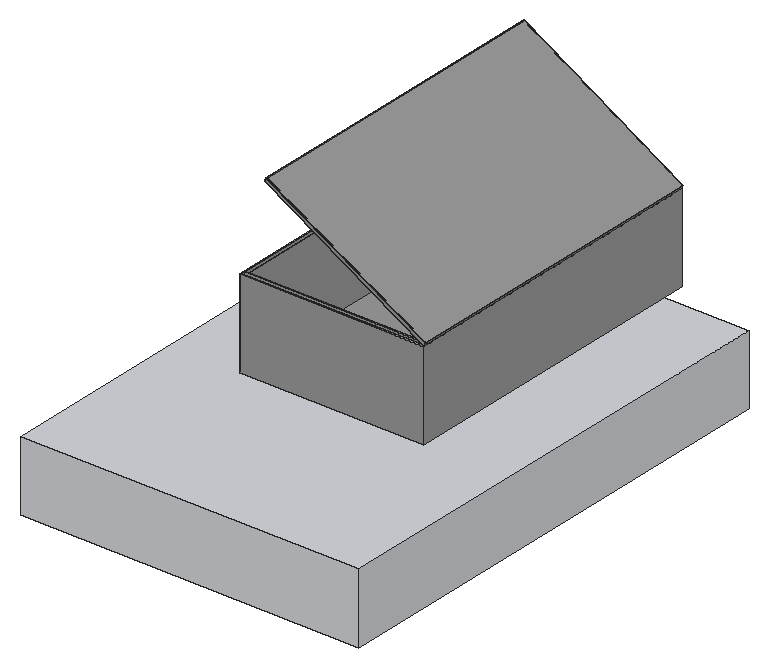
Revit family "Hager-Univers-IP55-D400-H1400-Cl.I-Steel_encl-AT-de", category Equipement électrique, Revit 2020
Family settings
  Hôte = Face
  Configuration du panneau = Deux colonnes, circuits au sein
  Cote de connecteur circulaire = Utiliser le diamètre
  Type d'élément = Tableau de raccordement
  Couper avec des vides une fois chargée = Non
  Partagée = Non
  Point de calcul de pièce = Non
Parameters (values of type "Aufputz IP55 B800 H1400 T400  - FR93G")
  Width Control [instance] = if([EF000008 - Breite] > Min Width, [EF000008 - Breite], Min Width)  # 800 mm
  Commentaires du type = [HG000003 - Bereich]  # "Univers"
  Thickness Door [instance] = if([EF009171 - Materialstärke Tür/Deckel] > 3 mm, 3 mm, [EF009171 - Materialstärke Tür/Deckel])  # 1.5 mm
  Seal Frame Offset [instance] = 17 mm  # constant formula
  Plinth Visibility [instance] = [HG000027 - Sockelhöhe] > 0 mm  # no
  Model = ""
  Min Width [instance] = 100 mm  # constant formula
  Min Height [instance] = 100 mm  # constant formula
  Min Depth [instance] = (2 * [EF009170 - Materialstärke Gehäuse]) + 1 mm  # 4 mm
  Internal Frame Depth [instance] = (Door System Depth * 0.5)  # 9 mm
  Height Control [instance] = if([EF000040 - Höhe] > Min Height, [EF000040 - Höhe], Min Height)  # 1400 mm
  HG000027 - Sockelhöhe = 0 mm
  HG000026 - Stehend auf dem Boden = no
  HG000024 - Höhe des unteren Teils = 800 mm
  HG000023 - Gehäuse mit doppeltem Querschnitt = no
  HG000016 - 3D-Türsichtbarkeit [instance] = yes
  HG000015 - Sichtbarkeit der Türöffnung [instance] = no
  HG000014 - Tür rechts [instance] = yes
  HG000013 - Tür links [instance] = not([HG000014 - Tür rechts])  # no
  HG000012 - Türschwenkwinkel [instance] = 30.00°
  HG000010 - Asymmetrische Türen = no
  HG000009 - Doppelflügeligen Tür = no
  HG000006 - Unterputz = no
  HG000004 - Herstellerreferenz = "FR93G"
  HG000003 - Bereich = "Univers"
  HG000002 - Mit tür = yes
  Frame Offset Bottom [instance] = 10 mm  # constant formula
  Frame Offset [instance] = 15 mm  # constant formula
  EF015940 - Deckel mit Überdruckentlastung = no
  EF011959 - Schutzart (NEMA) = ""
  EF009554 - Anzahl der Öffnungen für Flanschplatten = 6
  Fabricant = "Hager"  # constant formula
  EF009212 - Ausführung Deckel = "EV000116 - geschlossen"
  EF009171 - Materialstärke Tür/Deckel = 1.5 mm
  EF009170 - Materialstärke Gehäuse = 1.5 mm
  EF008873 - Nennstrom (In) = 800 A
  EF007800 - Geeignet für Blitzschutz = no
  EF006306 - Mit Schloss = no
  EF006244 - Transparenter Deckel/Tür = no
  EF005474 - Schutzart (IP) = "EV006420 - IP55"
  EF004464 - Art der Tür = "EV002646 - Einzel"
  EF004427 - Anzahl der Module = 324
  EF004293 - Schlagfestigkeit = "EV008784 - IK10"
  EF003532 - Geeignet für Außengebrauch = no
  EF002950 - Breite in Teilungseinheiten = 24
  EF001613 - Funktionserhalt = "EV000494 - ohne"
  EF001596 - Werkstoff des Gehäuses = "EV000179 - Stahl"
  EF001131 - Innentiefe = 400 mm
  EF001088 - Anbaumöglichkeit = yes
  EF000437 - Anzahl der Leitungseinführungen = 6
  EF000339 - Art der Abdeckung = "EV004216 - Tür"
  EF000266 - Anzahl der Reihen = 9
  EF000218 - Einbautiefe = 0 mm
  EF000118 - Mit Montageplatte = no
  EF000116 - RAL-Nummer = "7035"
  EF000049 - Tiefe = 400 mm
  EF000040 - Höhe = 1400 mm
  EF000008 - Breite = 800 mm
  EF000007 - Farbe = "EV000270 - grau"
  EF000003 - Montageart = "EV000384 - Aufputz"
  Door System Leaf Tolerance [instance] = 1.5 mm  # constant formula
  Door System Depth [instance] = 18 mm  # constant formula
  Door Height [instance] = Height Control - [HG000027 - Sockelhöhe]  # 1400 mm
  Depth Control [instance] = if([EF000049 - Tiefe] > Min Depth, [EF000049 - Tiefe], Min Depth)  # 400 mm
  Default Elevation = 0 mm
  Connector Offset [instance] = Height Control / 2  # 700 mm
  Bottom Top Plate Trim [instance] = 1.5 mm  # constant formula
  Plinth height Ctrl [instance] = if([HG000027 - Sockelhöhe] > 0 mm, [HG000027 - Sockelhöhe], 12 mm)  # 12 mm
Types (3, lengths in mm): name | Width Control | HG000009 - Doppelflügeligen Tür | HG000004 - Herstellerreferenz | EF009554 - Anzahl der Öffnungen für Flanschplatten | EF004464 - Art der Tür | EF004427 - Anzahl der Module | EF000437 - Anzahl der Leitungseinführungen | EF000008 - Breite
  Aufputz IP55 B1050 H1400 T400  - FR94G | 1050 | yes | "FR94G" | 8 | "EV003602 - Doppel" | 432 | 8 | 1050
  Aufputz IP55 B550 H1400 T400  - FR92G | 550 | no | "FR92G" | 4 | "EV002646 - Einzel" | 216 | 4 | 550
  Aufputz IP55 B800 H1400 T400  - FR93G | 800 | no | "FR93G" | 6 | "EV002646 - Einzel" | 324 | 6 | 800
Reference planes
  plane 1 "Center (Front/Back)": y = 0
  plane 2: z = 0
  plane 3 "Center (Left/Right)": x = 0
  plane 4: z = 400
  plane 5: y = 1.5
  plane 6: y = 700
  plane 7: y = 0
  plane 8: y = 1400
  plane 9: z = 0
  plane 10: x = -385
  plane 11: x = 385
  plane 12: x = 383.5
  plane 13: x = -383.5
  plane 14: y = 1398.5
  plane 15: x = -383
  plane 16: x = -400
  plane 17: x = 383
  plane 18: x = 400
  plane 19: x = 398.5
  plane 20: x = -398.5
  plane 21: y = 11.5
  plane 22: y = 1400
  plane 23: y = 1383.5
  plane 24: z = 382
  plane 25: z = 1.5
  plane 26: z = 380.5
  plane 27: z = 398.5
Forms (mm)
  Extrusion 1, solid
    sketch origin (0, 0, 0) x (1, 0, 0) y (0, 1, 0)
      loop
        line (-702.964, 1305) -> (-702.964, -811.445) -> (766.763, -811.445) -> (766.763, 1305) -> (-702.964, 1305)
    from 0 to -304.8
  Extrusion 2, solid, material "Hager_Steel_RAL7035_Light_Grey", visible <- "Plinth Visibility", detail levels medium+fine
    sketch origin (0, 0, 0) x (1, 0, 0) y (0, 1, 0)
      loop
        line (-400, 0) -> (400, 0) -> (400, 12) -> (-400, 12) -> (-400, 0)
    from 0 to 382
  Extrusion 3, solid, material "Hager_Steel_RAL7035_Light_Grey", detail levels medium+fine
    sketch origin (0, 0, 0) x (1, 0, 0) y (0, 1, 0)
      loop
        line (-400, 0) -> (400, 0) -> (400, 1400) -> (-400, 1400) -> (-400, 0)
    from 0 to 382
  Extrusion 4, void
    sketch origin (0, 0, 0) x (1, 0, 0) y (0, 1, 0)
      loop
        line (-398.5, 1.5) -> (398.5, 1.5) -> (398.5, 1398.5) -> (-398.5, 1398.5) -> (-398.5, 1.5)
    from 1.5 to 380.5
  Extrusion 5, void
    sketch origin (-381.607, -4572, 382) x (0, -1, 0) y (-1, 0, 0)
      loop
        line (-4583.5, 1.893) -> (-5955.5, 1.893) -> (-5955.5, -765.107) -> (-4583.5, -765.107) -> (-4583.5, 1.893)
    from 0 to 1.5 <- "EF009170 - Materialstärke Gehäuse"
  Extrusion 6, solid, material "Hager_Steel_RAL7035_Light_Grey", detail levels fine
    sketch origin (0, 0, 382) x (1, 0, 0) y (0, 1, 0)
      loop
        line (-383.5, 1383.5) -> (-383.5, 11.5) -> (383.5, 11.5) -> (383.5, 1383.5) -> (-383.5, 1383.5)
      loop
        line (-385, 10) -> (385, 10) -> (385, 1385) -> (-385, 1385) -> (-385, 10)
    from 0 to 9 <- "Internal Frame Depth"
  Extrusion 7, solid, material "Hager_Steel_RAL7035_Light_Grey", detail levels coarse
    sketch origin (0, 0, 0) x (1, 0, 0) y (0, 1, 0)
      loop
        line (-400, 0) -> (400, 0) -> (400, 1400) -> (-400, 1400) -> (-400, 0)
    from 0 to 400
  Sweep 8, void
    path in 3D
      loop
        line (-400, 12, 0) -> (400, 12, 0) -> (400, 12, 382) -> (-400, 12, 382) -> (-400, 12, 0)
    profile origin (-400, 12, 191) x (-1, 0, 0) y (0, -1, 0)
      loop
        line (0, 0) -> (0, 1.5) -> (-1.5, 1.5)
        arc (-1.5, 1.5) -> (-1.061, 0.439) -> (0, 0) r 1.5
Cuts and joins
  Extrusion 4, Extrusion 5 cuts Extrusion 3
  Sweep 8 cuts Extrusion 2
Lines and regions (mm)
  Masking region 1
    outline origin (0, 0, 0) x (1, 0, 0) y (0, 0, 1)
      loop
        line (-400, 400) -> (-400, 0) -> (400, 0) -> (400, 400) -> (-400, 400)
  Masking region 2, detail levels medium+fine
    outline origin (0, 140, 0) x (0, 1, 0) y (0, 0, 1)
      loop
        line (-140, 0) -> (1260, 0) -> (1260, 382) -> (-140, 382) -> (-140, 0)
  Masking region 3, not visible, detail levels medium+fine
    outline origin (0, 297.922, 0) x (0, 1, 0) y (0, 0, 1)
      loop
        line (413.578, 0) -> (453.578, 0) -> (453.578, 388.5)
        arc (453.578, 388.5) -> (450.649, 395.571) -> (443.578, 398.5) r 10
        line (443.578, 398.5) -> (413.578, 398.5) -> (413.578, 0)
  Masking region 4, detail levels coarse
    outline origin (0, 0, 180) x (0, 1, 0) y (0, 0, 1)
      loop
        line (0, -180) -> (1400, -180) -> (1400, 220) -> (0, 220) -> (0, -180)
  Masking region 5, visible <- "Plinth Visibility", detail levels medium+fine
    outline origin (0, 52.24, 12.345) x (0, 0, -1) y (0, 1, 0)
      loop
        line (10.845, -40.24) -> (-368.155, -40.24)
        arc (-368.155, -40.24) -> (-368.594, -41.301) -> (-369.655, -41.74) r 1.5
        line (-369.655, -41.74) -> (-369.655, -52.24) -> (12.345, -52.24) -> (12.345, -41.74)
        arc (12.345, -41.74) -> (11.285, -41.301) -> (10.845, -40.24) r 1.5
  Masking region 6, detail levels medium+fine
    outline origin (-381.607, -4572, 382) x (-1, 0, 0) y (0, -1, 0)
      loop
        line (18.393, -5972) -> (18.393, -4572) -> (-781.607, -4572) -> (-781.607, -5972) -> (18.393, -5972)
  Masking region 7, visible <- "Plinth Visibility", detail levels medium+fine
    outline origin (-381.607, -4727, 382) x (-1, 0, 0) y (0, -1, 0)
      loop
        arc (16.893, -4739) -> (17.332, -4737.939) -> (18.393, -4737.5) r 1.5
        line (18.393, -4737.5) -> (18.393, -4727) -> (-781.607, -4727) -> (-781.607, -4737.5)
        arc (-781.607, -4737.5) -> (-780.546, -4737.939) -> (-780.107, -4739) r 1.5
        line (-780.107, -4739) -> (16.893, -4739)
  Masking region 8, detail levels coarse
    outline origin (-442.548, -4669.526, 382) x (-1, 0, 0) y (0, -1, 0)
      loop
        line (-42.548, -6069.526) -> (-42.548, -4669.526) -> (-842.548, -4669.526) -> (-842.548, -6069.526) -> (-42.548, -6069.526)
  sketch lines
    curve 1: line (-400, 12, 382) -> (-400, 12, 0)
    curve 2: line (400, 12, 382) -> (-400, 12, 382)
    curve 3: line (400, 12, 382) -> (400, 12, 0)
    curve 4: line (-400, 12, 0) -> (400, 12, 0)
Dimensions and locks
  "Depth Control": plane 4 to Extrusion 1
  "HG000027 - Sockelhöhe": plane 1 "Center (Front/Back)" to plane 7
  "EF009170 - Materialstärke Gehäuse": plane 5 to plane 7
  locked: connector elem to plane 3 "Center (Left/Right)"
  equal spacing: plane 8, plane 6, plane 7
  locked: connector elem to plane 6
  "EF009170 - Materialstärke Gehäuse": plane 8 to plane 14
  "EF009170 - Materialstärke Gehäuse": plane 10 to plane 13
  "EF009170 - Materialstärke Gehäuse": plane 12 to plane 11
  "Frame Offset": plane 20 to plane 13
  "Frame Offset": plane 12 to plane 19
  "EF009170 - Materialstärke Gehäuse": plane 16 to plane 20
  "EF009170 - Materialstärke Gehäuse": plane 19 to plane 18
  "Seal Frame Offset": plane 16 to plane 15
  "Seal Frame Offset": plane 17 to plane 18
  "Frame Offset Bottom": plane 21 to plane 5
  "Frame Offset": plane 14 to plane 23
  equal spacing: plane 16, plane 3 "Center (Left/Right)", plane 18
  "Width Control": plane 16 to plane 18
  "EF009170 - Materialstärke Gehäuse": plane 4 to plane 27
  "EF009170 - Materialstärke Gehäuse": plane 24 to plane 26
  "EF009170 - Materialstärke Gehäuse": plane 25 to level
  "Door System Depth": plane 4 to plane 24
  "Height Control": plane 1 "Center (Front/Back)" to Extrusion 7 sketch curve
  "Height Control": Masking region 4 sketch curve to plane 1 "Center (Front/Back)"
  "Height Control": plane 1 "Center (Front/Back)" to plane 22
  "Bottom Top Plate Trim": profile plane to Sweep 8 sketch curve
  "Bottom Top Plate Trim": Sweep 8 sketch curve to profile plane
  "Plinth height Ctrl": plane 1 "Center (Front/Back)" to Extrusion 2 sketch curve
  "Plinth height Ctrl": Masking region 5 sketch curve to plane 1 "Center (Front/Back)"
  "Plinth height Ctrl": plane 1 "Center (Front/Back)" to Masking region 7 sketch curve
  "Thickness Door": Extrusion 6 sketch curve to Extrusion 6 sketch curve  (x3)
  "Thickness Door": cut or joined group of Extrusion 3, Extrusion 4, Extrusion 5 to Extrusion 6 sketch curve
  radius of Masking region 3 sketch curve = 10 mm
  "Bottom Top Plate Trim": radius of Masking region 5 sketch curve  (x2)
  "Bottom Top Plate Trim": radius of Sweep 8 sketch curve
  "Bottom Top Plate Trim": radius of Masking region 7 sketch curve  (x2)
  aligned and locked: plane 2 to Extrusion 1
  aligned and locked: level to Extrusion 1
  aligned and locked: level to Masking region 1 sketch curve
  aligned and locked: Masking region 1 sketch curve to plane 18
  aligned and locked: Masking region 1 sketch curve to plane 16
  aligned and locked: plane 7 to Masking region 2 sketch curve
  aligned and locked: level to Masking region 3 sketch curve
  aligned and locked: Masking region 3 sketch curve to plane 27
  aligned and locked: level to Masking region 2 sketch curve
  aligned and locked: plane 1 "Center (Front/Back)" to Extrusion 2 sketch curve
  aligned and locked: Extrusion 3 sketch curve to plane 7
  aligned and locked: plane 16 to Extrusion 3 sketch curve
  aligned and locked: plane 18 to Extrusion 3 sketch curve
  aligned and locked: plane 20 to Extrusion 4 sketch curve
  aligned and locked: plane 19 to Extrusion 4 sketch curve
  aligned and locked: Extrusion 4 sketch curve to plane 5
  aligned and locked: Extrusion 4 to plane 25
  aligned and locked: plane 26 to Extrusion 4
  aligned and locked: plane 24 to Extrusion 3
  aligned and locked: Extrusion 5 sketch curve to plane 21
  aligned and locked: Extrusion 5 sketch curve to plane 13
  aligned and locked: Extrusion 5 sketch curve to plane 12
  aligned and locked: plane 18 to Extrusion 7 sketch curve
  aligned and locked: plane 1 "Center (Front/Back)" to Extrusion 7 sketch curve
  aligned and locked: plane 16 to Extrusion 7 sketch curve
  aligned and locked: plane 4 to Extrusion 7
  aligned and locked: Extrusion 7 to level
  aligned and locked: level to Masking region 4 sketch curve
  aligned and locked: Masking region 4 sketch curve to plane 1 "Center (Front/Back)"
  aligned and locked: Masking region 4 sketch curve to plane 4
  aligned and locked: nested 1 to level
  aligned and locked: nested 1 to plane 16
  aligned and locked: plane 8 to Extrusion 3 sketch curve
  aligned and locked: plane 23 to Extrusion 5 sketch curve
  aligned and locked: plane 14 to Extrusion 4 sketch curve
  aligned and locked: Masking region 2 sketch curve to plane 8
  aligned and locked: level to Masking region 5 sketch curve
  aligned and locked: plane 16 to Extrusion 2 sketch curve
  aligned and locked: plane 18 to Extrusion 2 sketch curve
  aligned and locked: Masking region 5 sketch curve to plane 24
  aligned and locked: Masking region 2 sketch curve to plane 24
  aligned and locked: plane 24 to Extrusion 2
  aligned and locked: profile plane to Sweep 8 sketch curve  (x2)
  aligned and locked: Masking region 6 sketch curve to plane 18
  aligned and locked: Masking region 6 sketch curve to plane 22
  aligned and locked: Masking region 6 sketch curve to plane 16
  aligned and locked: plane 8 to plane 22
  aligned and locked: Masking region 6 sketch curve to plane 7
  aligned and locked: Masking region 7 sketch curve to plane 16
  aligned and locked: Masking region 7 sketch curve to plane 1 "Center (Front/Back)"
  aligned and locked: Masking region 7 sketch curve to plane 18
  aligned and locked: Masking region 8 sketch curve to plane 1 "Center (Front/Back)"
  aligned and locked: Masking region 8 sketch curve to plane 18
  aligned and locked: Masking region 8 sketch curve to plane 22
  aligned and locked: Masking region 8 sketch curve to plane 16
  aligned and locked: nested 2 to plane 7
  aligned and locked: plane 3 "Center (Left/Right)" to nested 2
  aligned and locked: nested 2 to plane 24
  aligned and locked: Extrusion 6 sketch curve to cut or joined group of Extrusion 3, Extrusion 4, Extrusion 5  (x4)
Automatic sketch dimensions
  Extrusion 1 sketch curve to Extrusion 1 sketch curve = 1469.727 mm
  Extrusion 1 sketch curve to Extrusion 1 sketch curve = 2116.445 mm
  Masking region 1 sketch curve to plane 4 = 0 mm
  plane 6 to Masking region 3 sketch curve = 11.5 mm
  Masking region 3 sketch curve to Masking region 3 sketch curve = 30 mm
  Masking region 5 sketch curve to plane 1 "Center (Front/Back)" = 0 mm
Nested families
  nested 1: "Hager_Enclosure_Symbol" at (-400, 0, 0) x (1, 0, 0) z (0, -1, 0), Height <- "Depth Control", Width <- "Width Control", type "Hager_Enclosure_Symbol"
    with Width_Ctrl 800 mm, Width 800 mm, Height_Ctrl 400 mm, Height 400 mm, A_Width_Int 26.25 mm, A_Width 315 mm, A_Height_Ctrl 350 mm, A_Height 350 mm
  nested 2: "EC000058_Univers_Door" at (0, 0, 382) x (1, 0, 0) z (0, 1, 0), Leaf_Tolerance <- "Door System Leaf Tolerance", Angle <- "HG000012 - Türschwenkwinkel", Door_Depth <- "Door System Depth", Door_Left <- "HG000013 - Tür links", Transparent <- "EF006244 - Transparenter Deckel/Tür", Assymetrical <- "HG000010 - Asymmetrische Türen", Width <- "Width Control", Clearance <- "HG000015 - Sichtbarkeit der Türöffnung", Double <- "HG000009 - Doppelflügeligen Tür", 3d_Door <- "HG000016 - 3D-Türsichtbarkeit", Lock_Visibility <- "EF006306 - Mit Schloss", Width_Ctrl <- "Width Control", Door_Right <- "HG000014 - Tür rechts", Door <- "HG000002 - Mit tür", Height <- "Door Height", Thickness <- "Thickness Door", type "EC000058_Univers_Door", detail levels medium+fine
    with min_wh 4 mm, Width_Ctrl 800 mm, Width 800 mm, Transparent no, Thickness 1.5 mm, Seal_Material Hager_Rubber, Lock_Visibility no, Lock_Material Hager_Plastic_RAL9005_Jet_Black, Leaf_Width 800 mm, Leaf_Tolerance_External_Sides 0 mm, Leaf_Tolerance 1.5 mm, Leaf_Offset 0 mm, Leaf_Height 1397 mm, Leaf_2_Width 800 mm, Leaf_2_Offset 400 mm, Leaf_1_Width 800 mm, Leaf_1_Offset 400 mm, Height_Ctrl 1400 mm, Height 1400 mm, Glass_Material Hager_Glass, Double_Clearance_Ctrl no, Double no, Door_Right_Ctrl yes, Door_Right yes, Door_Material Hager_Steel_RAL7035_Light_Grey, Door_Left_Ctrl no, Door_Left no, Door_Depth 18 mm, Door yes, Clearance_Material Hager_Clearance, Clearance_Depth 800 mm, Clearance_Ctrl no, Clearance no, Assymetrical no, Angle 30.00°, 3d_Door yes
Connectors
  electrical at (0, 700, 0)
    settings: on plane 9, index 1, voltage 0 V, apparent load 0 VA, apparent load phase1 0 VA, apparent load phase2 0 VA, apparent load phase3 0 VA, power factor 1, load classification "Other", number of poles 1, system type 30, power factor state 1, is connector primary yes, connector utility no, sub classification motor no, connector description ""
Definition of nested family "EC000058_Univers_Door"
  Parameters (values of type "EC000058_Univers_Door")
    min_wh [instance] = (2 * Thickness) + 1 mm  # 11 mm
    Width_Ctrl [instance] = 400 mm
    Width [instance] = 500 mm
    Transparent [instance] = yes
    Thickness [instance] = 5 mm
    Seal_Material [instance] = none
    Lock_Visibility [instance] = yes
    Lock_Material [instance] = none
    Leaf_Width [instance] = if((Width_Ctrl - 2 * Leaf_Tolerance_External_Sides) > 0 mm, (Width_Ctrl - 2 * Leaf_Tolerance_External_Sides), min_wh)  # 400 mm
    Leaf_Tolerance_External_Sides [instance] = 0 mm  # constant formula
    Leaf_Tolerance [instance] = 1.5 mm
    Leaf_Offset [instance] = 0 mm  # constant formula
    Leaf_Height [instance] = if((Height_Ctrl - 2 * Leaf_Tolerance) > 0 mm, (Height_Ctrl - 2 * Leaf_Tolerance), min_wh)  # 497 mm
    Leaf_2_Width [instance] = if(and(and(Double, Assymetrical), Door_Left), (Leaf_Width / 3) - (Leaf_Tolerance / 2), if(and(and(Double, Assymetrical), Door_Right), (Leaf_Width / 3) * 2 - (Leaf_Tolerance / 2), if(and(Double, not(Assymetrical)), (Leaf_Width / 2) - Leaf_Tolerance, Leaf_Width)))  # 400 mm
    Leaf_2_Offset [instance] = if(and(Double, Assymetrical), Leaf_2_Width / 2, if(and(Double, not(Assymetrical)), Leaf_Width / 4, Leaf_Width / 2))  # 200 mm
    Leaf_1_Width [instance] = if(and(and(Double, Assymetrical), Door_Right), (Leaf_Width / 3) - (Leaf_Tolerance / 2), if(and(and(Double, Assymetrical), Door_Left), (Width / 3) * 2 - (Leaf_Tolerance / 2), if(and(Double, not(Assymetrical)), (Leaf_Width / 2) - Leaf_Tolerance, Leaf_Width)))  # 400 mm
    Leaf_1_Offset [instance] = if(and(Double, Assymetrical), Leaf_1_Width / 2, if(and(Double, not(Assymetrical)), Leaf_Width / 4, Leaf_Width / 2))  # 200 mm
    Height_Ctrl [instance] = if(Height > min_wh, Height, min_wh)  # 500 mm
    Height [instance] = 500 mm
    Glass_Material [instance] = none
    Double_Clearance_Ctrl [instance] = and(Double, Clearance)  # no
    Double [instance] = no
    Door_Right_Ctrl [instance] = and(or(Door_Right, Double), Door)  # yes
    Door_Right [instance] = yes
    Door_Material [instance] = none
    Door_Left_Ctrl [instance] = and(or(Door_Left, Double), Door)  # no
    Door_Left [instance] = no
    Door_Depth [instance] = 30 mm
    Door [instance] = yes
    Default Elevation = 1219.2 mm
    Clearance_Material [instance] = none
    Clearance_Depth [instance] = if(Leaf_1_Width > Leaf_2_Width, Leaf_1_Width, Leaf_2_Width)  # 400 mm
    Clearance_Ctrl [instance] = and(not(Double), Clearance)  # yes
    Clearance [instance] = yes
    Assymetrical [instance] = yes
    Angle [instance] = 30.00°
    3d_Door [instance] = yes
  Reference planes
    plane 1 "Center (Front/Back)": y = 0
    plane 2 "Bottom": z = 0
    plane 3 "Center (Left/Right)": x = 0
    plane 4: z = 500
    plane 5: x = -200
    plane 6: x = 200
    plane 7: z = 500
    plane 8: x = -200
    plane 9: z = 0
    plane 10: x = 200
    plane 11: y = 0
    plane 12: z = 1.5
    plane 13: x = -600
    plane 14: y = -400
    plane 15: x = 600
    plane 16: x = 0
    plane 17: x = 0
    plane 18: x = -200
    plane 19: x = 200
    plane 20: z = 498.5
  Forms (mm)
    Extrusion 1, solid, material <- "Clearance_Material", visible <- "Double_Clearance_Ctrl"
      sketch origin (1200, 0, 0) x (1, 0, 0) y (0, 0, -1)
        loop
          line (-1800, -498.5) -> (-600, -498.5) -> (-600, 0) -> (-1800, 0) -> (-1800, -498.5)
      from 0 to -400
  Dimensions and locks
    equal spacing: plane 5, plane 3 "Center (Left/Right)", plane 6
    "Width_Ctrl": plane 5 to plane 6
    "Leaf_Offset": plane 5 to plane 8
    "Leaf_Offset": plane 6 to plane 10
    "Leaf_Offset": plane 9 to level
    "Leaf_Offset": plane 4 to plane 7
    "Height_Ctrl": plane 4 to level
    "Leaf_Tolerance": plane 12 to plane 9
    locked: plane 11 to plane 1 "Center (Front/Back)"
    "Leaf_1_Offset": plane 18 to plane 16
    "Leaf_2_Offset": plane 17 to plane 19
    "Leaf_1_Width": plane 13 to plane 8
    "Leaf_2_Width": plane 10 to plane 15
    "Clearance_Depth": plane 14 to plane 1 "Center (Front/Back)"
    "Leaf_Tolerance_External_Sides": plane 8 to plane 18
    "Leaf_Tolerance_External_Sides": plane 19 to plane 10
    "Leaf_Tolerance": plane 7 to plane 20
    aligned and locked: level to plane 2 "Bottom"
    aligned and locked: nested 1 to plane 16
    aligned and locked: nested 2 to plane 17
    aligned and locked: Extrusion 1 to plane 13
    aligned and locked: plane 15 to Extrusion 1
    aligned and locked: Extrusion 1 to plane 14
    aligned and locked: plane 12 to nested 1
    aligned and locked: nested 2 to plane 12
    aligned and locked: Extrusion 1 to plane 11
    aligned and locked: plane 20 to Extrusion 1
    aligned and locked: nested 2 to plane 11
    aligned and locked: nested 1 to plane 11
  Automatic sketch dimensions
    Extrusion 1 sketch curve to level = 0 mm
    plane 5 to Extrusion 1 sketch curve = 400 mm
    plane 6 to Extrusion 1 sketch curve = 400 mm
    Extrusion 1 sketch curve to plane 4 = 1.5 mm
  Nested families
    nested 1: "EC000058_Univers_Door_Leaf" at (0, 0, 1.5), Width <- "Leaf_1_Width", visible <- "Door_Left_Ctrl", Leaf_Height <- "Leaf_Height", Angle <- "Angle", 3d_Door <- "3d_Door", Transparent <- "Transparent", Clearance Material <- "Clearance_Material", Clearance <- "Clearance_Ctrl", Door_Material <- "Door_Material", Glass_Material <- "Glass_Material", Door_Depth <- "Door_Depth", Lock_Material <- "Lock_Material", Seal_Material <- "Seal_Material", Lock_Visibility <- "Lock_Visibility", Thickness <- "Thickness", type "EC000058_Univers_Door_Leaf"
      with Width 400 mm, Transparent_Glass_Offset 30 mm, Transparent_Ctrl yes, Transparent yes, Thickness 5 mm, Standard no, Seal_Material none, Seal_D2 8 mm, Seal_D1 1 mm, Offset_Internal_Frame 10 mm, Lock_Width 20 mm, Lock_Visibility_3d yes, Lock_Visibility yes, Lock_Thickness_3 3 mm, Lock_Thickness_2 1 mm, Lock_Thickness_1 3 mm, Lock_Radius_Offset_2 16 mm, Lock_Radius_Offset_1 15 mm, Lock_Radius_2 5 mm, Lock_Radius 6 mm, Lock_Offset 5 mm, Lock_Material none, Lock_Height 80 mm, Lock_Cover_Top_Offset_2d 17 mm, Lock_Cover_Height -65 mm, Leaf_Height 497 mm, Internal_Seal_Thickness 8 mm, Internal_Seal_Depth_2 4.5 mm, Internal_Frame_Depth 25 mm, Glass_Thickness -1 mm, Glass_Offset -2 mm, Glass_Material none, Door_Material none, Door_Depth 30 mm, Clearance Material none, Clearance yes, Angle_Ctrl 30.00°, Angle 30.00°, 3d_Door yes
    nested 2: "EC000058_Univers_Door_Leaf" at (0, 0, 1.5) x (-1, 0, 0) z (0, 0, 1), Width <- "Leaf_2_Width", visible <- "Door_Right_Ctrl", Leaf_Height <- "Leaf_Height", Angle <- "Angle", 3d_Door <- "3d_Door", Transparent <- "Transparent", Clearance Material <- "Clearance_Material", Clearance <- "Clearance_Ctrl", Door_Material <- "Door_Material", Glass_Material <- "Glass_Material", Door_Depth <- "Door_Depth", Lock_Material <- "Lock_Material", Seal_Material <- "Seal_Material", Lock_Visibility <- "Lock_Visibility", Thickness <- "Thickness", type "EC000058_Univers_Door_Leaf"
      with Width 400 mm, Transparent_Glass_Offset 30 mm, Transparent_Ctrl yes, Transparent yes, Thickness 5 mm, Standard no, Seal_Material none, Seal_D2 8 mm, Seal_D1 1 mm, Offset_Internal_Frame 10 mm, Lock_Width 20 mm, Lock_Visibility_3d yes, Lock_Visibility yes, Lock_Thickness_3 3 mm, Lock_Thickness_2 1 mm, Lock_Thickness_1 3 mm, Lock_Radius_Offset_2 16 mm, Lock_Radius_Offset_1 15 mm, Lock_Radius_2 5 mm, Lock_Radius 6 mm, Lock_Offset 5 mm, Lock_Material none, Lock_Height 80 mm, Lock_Cover_Top_Offset_2d 17 mm, Lock_Cover_Height -65 mm, Leaf_Height 497 mm, Internal_Seal_Thickness 8 mm, Internal_Seal_Depth_2 4.5 mm, Internal_Frame_Depth 25 mm, Glass_Thickness -1 mm, Glass_Offset -2 mm, Glass_Material none, Door_Material none, Door_Depth 30 mm, Clearance Material none, Clearance yes, Angle_Ctrl 30.00°, Angle 30.00°, 3d_Door yes
  Definition of nested family "EC000058_Univers_Door_Leaf"
    Parameters (values of type "EC000058_Univers_Door_Leaf")
      Width [instance] = 2000 mm
      Transparent_Glass_Offset [instance] = 30 mm
      Transparent_Ctrl [instance] = and(Transparent, [3d_Door])  # yes
      Transparent [instance] = yes
      Thickness [instance] = 5 mm
      Standard [instance] = and(not(Transparent), [3d_Door])  # no
      Seal_Material [instance] = none
      Seal_D2 [instance] = 8 mm  # constant formula
      Seal_D1 [instance] = 1 mm  # constant formula
      Offset_Internal_Frame [instance] = 10 mm  # constant formula
      Lock_Width [instance] = 20 mm  # constant formula
      Lock_Visibility_3d [instance] = and(Lock_Visibility, [3d_Door])  # yes
      Lock_Visibility [instance] = yes
      Lock_Thickness_3 [instance] = 3 mm  # constant formula
      Lock_Thickness_2 [instance] = 1 mm  # constant formula
      Lock_Thickness_1 [instance] = 3 mm  # constant formula
      Lock_Radius_Offset_2 [instance] = Lock_Radius_Offset_1 + 1 mm  # 16 mm
      Lock_Radius_Offset_1 [instance] = 15 mm  # constant formula
      Lock_Radius_2 [instance] = Lock_Radius - 1 mm  # 5 mm
      Lock_Radius [instance] = 6 mm  # constant formula
      Lock_Offset [instance] = 5 mm  # constant formula
      Lock_Material [instance] = none
      Lock_Height [instance] = 80 mm  # constant formula
      Lock_Cover_Top_Offset_2d [instance] = Lock_Radius_Offset_2 + 1 mm  # 17 mm
      Lock_Cover_Height [instance] = -(Lock_Height - Lock_Radius_Offset_1)  # -65 mm
      Leaf_Height [instance] = 2720.336 mm
      Internal_Seal_Thickness [instance] = 8 mm  # constant formula
      Internal_Seal_Depth_2 [instance] = 4.5 mm  # constant formula
      Internal_Frame_Depth [instance] = if(Door_Depth - Thickness > 5 mm, Door_Depth - Thickness, 5 mm)  # 25 mm
      Glass_Thickness [instance] = if(Thickness > 15 mm, Glass_Offset + 10 mm, -1 mm)  # -1 mm
      Glass_Offset [instance] = if(Thickness > 15 mm, -(Thickness + 10 mm) / 2, -2 mm)  # -2 mm
      Glass_Material [instance] = none
      Door_Material [instance] = none
      Door_Depth [instance] = 30 mm
      Default Elevation = 0 mm
      Clearance Material [instance] = none
      Clearance [instance] = yes
      Angle_Ctrl [instance] = if(Angle > 180.00°, 180.00°, Angle)  # 90.00°
      Angle [instance] = 90.00°
      3d_Door [instance] = yes
    Reference planes
      plane 1 "Center (Front/Back)": y = 0
      plane 2: z = 0
      plane 3 "Center (Left/Right)": x = 0
      plane 4: y = 2000
      plane 5: x = -1000
      plane 6: x = 1000
      plane 7: x = -3000
      plane 8: z = 2720.336
      plane 9: z = 30
      plane 10: z = 2690.336
      plane 11: x = 970
      plane 12: x = -970
      plane 13: y = -3
      plane 14: z = 107.833
      plane 15: y = -5
      plane 16: y = -223.314
      plane 17: x = -1000
      plane 18: z = 1360.168
      plane 19: y = 30
    Forms (mm)
      Extrusion 1, solid, material <- "Clearance Material", visible <- "Clearance"
        sketch origin (0, 0, 0) x (1, 0, 0) y (0, 0, 1)
          loop
            line (-3000, 2720.336) -> (-3000, 0) -> (1000, 0) -> (1000, 2720.336) -> (-3000, 2720.336)
        from 0 to -2000
      Extrusion 2, solid, material <- "Door_Material", visible <- "Standard", detail levels medium+fine
        sketch origin (-1000, 0, 0) x (0, 1, 0) y (-1, 0, 0)
          loop
            line (0, 30) -> (0, 25) -> (2000, 25) -> (2000, 30) -> (0, 30)
        from 0 to 2720.336 <- "Leaf_Height"
      Extrusion 3, solid, material <- "Door_Material", visible <- "Transparent_Ctrl", detail levels medium+fine
        sketch origin (-1000, 0, 0) x (0, 1, 0) y (-1, 0, 0)
          loop
            line (0, 25) -> (2000, 25) -> (2000, 30) -> (0, 30) -> (0, 25)
        from 0 to 2720.336 <- "Leaf_Height"
      Extrusion 4, void
        sketch origin (-1025, 2000, 0) x (0, 1, 0) y (0, 0, -1)
          loop
            line (-30, -2690.336) -> (-30, -30) -> (-1970, -30) -> (-1970, -2690.336) -> (-30, -2690.336)
        from 0 to 5 <- "Thickness"
      Sweep 5, solid, material <- "Seal_Material", visible <- "Transparent_Ctrl", detail levels fine
        path in 3D
          loop
            line (-1025, 30, 30) -> (-1025, 30, 2690.336) -> (-1025, 1970, 2690.336) -> (-1025, 1970, 30) -> (-1025, 30, 30)
        profile origin (-1025, 1000, 30) x (1, 0, 0) y (0, 0, 1)
          loop
            line (0, 0) -> (0, -8) -> (1, -8) -> (1, 0) -> (0, 0)
      Extrusion 6, solid, material <- "Glass_Material", visible <- "Transparent_Ctrl", detail levels medium+fine
        sketch origin (-1030, 0, 0) x (0, 1, 0) y (0, 0, -1)
          loop
            line (1970, -2690.336) -> (1970, -30) -> (30, -30) -> (30, -2690.336) -> (1970, -2690.336)
        from -2 <- "Glass_Offset" to -1 <- "Glass_Thickness"
      Extrusion 7, solid, material <- "Door_Material", visible <- "3d_Door", detail levels medium+fine
        sketch origin (-1025, 2000, 0) x (0, -1, 0) y (0, 0, -1)
          loop
            line (0, -2720.336) -> (2000, -2720.336) -> (2000, 0) -> (0, 0) -> (0, -2720.336)
          loop
            line (1995, -5) -> (5, -5) -> (5, -2715.336) -> (1995, -2715.336) -> (1995, -5)
        from 0 to 25 <- "Internal_Frame_Depth"
      Sweep 8, solid, material <- "Seal_Material", visible <- "Transparent_Ctrl", detail levels fine
        path in 3D
          loop
            line (-1025, 0, 0) -> (-1025, 2000, 0) -> (-1025, 2000, 2720.336) -> (-1025, 0, 2720.336) -> (-1025, 0, 0)
        profile origin (-1025, 0, 1360.168) x (1, 0, 0) y (0, 1, 0)
          loop
            line (0, 10) -> (2.975, 10)
            arc (2.975, 10) -> (4.053, 10.447) -> (4.5, 11.525) r 1.525
            line (4.5, 11.525) -> (4.5, 16.527)
            arc (4.5, 16.527) -> (4.069, 17.569) -> (3.027, 18) r 1.473
            line (3.027, 18) -> (0, 18) -> (0, 10)
      Extrusion 9, solid, material <- "Lock_Material", visible <- "Lock_Visibility_3d", detail levels fine
        sketch origin (-1030, 0, 0) x (0, 1, 0) y (0, 0, -1)
          loop
            arc (1993.5, -1400.168) -> (1994.561, -1399.729) -> (1995, -1398.668) r 1.5
            line (1995, -1398.668) -> (1995, -1320.168) -> (1975, -1320.168) -> (1975, -1398.668)
            arc (1975, -1398.668) -> (1975.439, -1399.729) -> (1976.5, -1400.168) r 1.5
            line (1976.5, -1400.168) -> (1993.5, -1400.168)
        from 3 <- "Lock_Thickness_1" to 0
      Blend 10, solid, material <- "Lock_Material", visible <- "Lock_Visibility_3d", detail levels fine
        base sketch origin (-1033, 0, 0) x (0, 1, 0) y (0, 0, -1)
          loop
            line (1975, -1320.168) -> (1975, -1398.668)
            arc (1975, -1398.668) -> (1975.439, -1399.729) -> (1976.5, -1400.168) r 1.5
            line (1976.5, -1400.168) -> (1993.5, -1400.168)
            arc (1993.5, -1400.168) -> (1994.561, -1399.729) -> (1995, -1398.668) r 1.5
            line (1995, -1398.668) -> (1995, -1320.168) -> (1975, -1320.168)
        top sketch origin (-1033, 0, 0) x (0, 1, 0) y (0, 0, -1)
          loop
            line (1976, -1320.168) -> (1976, -1398.668)
            arc (1976, -1398.668) -> (1976.146, -1399.022) -> (1976.5, -1399.168) r 0.5
            line (1976.5, -1399.168) -> (1993.5, -1399.168)
            arc (1993.5, -1399.168) -> (1993.854, -1399.022) -> (1994, -1398.668) r 0.5
            line (1994, -1398.668) -> (1994, -1320.168) -> (1976, -1320.168)
        from 0 to 1 <- "Lock_Thickness_2"
      Blend 11, solid, material <- "Lock_Material", visible <- "Lock_Visibility_3d", detail levels fine
        base sketch origin (-1034, 0, 0) x (0, 1, 0) y (0, 0, -1)
          loop
            line (1978, -1320.168) -> (1978, -1384.168)
            arc (1978, -1384.168) -> (1985, -1391.168) -> (1992, -1384.168) r 7
            line (1992, -1384.168) -> (1992, -1320.168) -> (1978, -1320.168)
        top sketch origin (-1034, 0, 0) x (0, 1, 0) y (0, 0, -1)
          loop
            line (1991, -1320.168) -> (1979, -1320.168) -> (1979, -1383.168)
            arc (1979, -1383.168) -> (1985, -1389.168) -> (1991, -1383.168) r 6
            line (1991, -1383.168) -> (1991, -1320.168)
        from 0 to 3 <- "Lock_Thickness_3"
      Extrusion 12, solid, material <- "Lock_Material", visible <- "Lock_Visibility_3d", detail levels fine
        sketch origin (-1030, 1975, 1320.168) x (1, 0, 0) y (0, -1, 0)
          loop
            line (-7, -19) -> (-7, -1) -> (0, -1) -> (0, 0) -> (-8, 0) -> (-8, -20) -> (0, -20) -> (0, -19) -> (-7, -19)
        from 0 to -65 <- "Lock_Cover_Height"
      Extrusion 13, void
        sketch origin (-1038, 1995, 1320.168) x (-1, 0, 0) y (0, 0, -1)
          loop
            line (-5, -65) -> (0, -65) -> (-5, -60) -> (-5, -65)
        from 0 to 20 <- "Lock_Width"
      Extrusion 14, void
        sketch origin (-1038, 1975, 1320.168) x (0, -1, 0) y (0, 0, -1)
          loop
            circle (-10, -15.995) r 6
          loop
            circle (-10, -15.995) r 5
        from 0 to 2
      Extrusion 15, solid, material <- "Lock_Material", visible <- "Lock_Visibility_3d", detail levels medium
        sketch origin (-1030, 0, 0) x (0, 1, 0) y (0, 0, -1)
          loop
            arc (1993.5, -1400.168) -> (1994.561, -1399.729) -> (1995, -1398.668) r 1.5
            line (1995, -1398.668) -> (1995, -1320.168) -> (1975, -1320.168) -> (1975, -1398.668)
            arc (1975, -1398.668) -> (1975.439, -1399.729) -> (1976.5, -1400.168) r 1.5
            line (1976.5, -1400.168) -> (1993.5, -1400.168)
        from 8 to 0
    Cuts and joins
      Extrusion 4 cuts Extrusion 3
      Extrusion 13, Extrusion 14 cuts Extrusion 9
      Extrusion 14 cuts Blend 11
      Extrusion 13, Extrusion 14 cuts Extrusion 12
      joined: Extrusion 9, Blend 10, Blend 11, Extrusion 12
      Extrusion 14 cuts Extrusion 15
    Lines and regions (mm)
      Masking region 1, visible <- "Lock_Visibility", detail levels fine
        outline origin (0, 0, 0) x (0, 1, 0) y (0, 0, 1)
          loop
            line (30, 1320.168) -> (33, 1320.168) -> (33, 1400.168) -> (30, 1400.168) -> (30, 1320.168)
      Masking region 2, visible <- "Lock_Visibility", detail levels fine
        outline origin (0, 3.143, 0) x (0, 1, 0) y (0, 0, 1)
          loop
            line (29.857, 1354.168) -> (30.857, 1354.168) -> (30.857, 1366.168) -> (29.857, 1366.168) -> (29.857, 1354.168)
      Masking region 3, detail levels medium+fine
        outline origin (0, 0, 0) x (0, 1, 0) y (0, 0, 1)
          loop
            line (0, 0) -> (30, 0) -> (30, 2720.336) -> (0, 2720.336) -> (0, 0)
      Masking region 4, detail levels medium+fine
        outline origin (0, 0, 0) x (1, 0, 0) y (0, 0, 1)
          loop
            line (-1000, 2720.336) -> (-1000, 0) -> (1000, 0) -> (1000, 2720.336) -> (-1000, 2720.336)
      Masking region 5, visible <- "Lock_Visibility", detail levels fine
        outline origin (-47.116, 0, 0) x (1, 0, 0) y (0, 0, 1)
          loop
            arc (1024.616, 1399.168) -> (1023.556, 1398.729) -> (1023.116, 1397.668) r 1.5
            line (1023.116, 1397.668) -> (1023.116, 1320.168) -> (1041.116, 1320.168) -> (1041.116, 1397.668)
            arc (1041.116, 1397.668) -> (1040.677, 1398.729) -> (1039.616, 1399.168) r 1.5
            line (1039.616, 1399.168) -> (1024.616, 1399.168)
      Masking region 6, visible <- "Lock_Visibility", detail levels medium+fine
        outline origin (-25, 0, 0) x (1, 0, 0) y (0, 0, 1)
          loop
            arc (1001.5, 1400.168) -> (1000.439, 1399.729) -> (1000, 1398.668) r 1.5
            line (1000, 1398.668) -> (1000, 1320.168) -> (1020, 1320.168) -> (1020, 1398.668)
            arc (1020, 1398.668) -> (1019.561, 1399.729) -> (1018.5, 1400.168) r 1.5
            line (1018.5, 1400.168) -> (1001.5, 1400.168)
      Masking region 7, visible <- "Lock_Visibility", detail levels fine
        outline origin (-73.735, 0, 0) x (1, 0, 0) y (0, 0, 1)
          loop
            line (1051.735, 1382.168) -> (1065.735, 1382.168) -> (1065.735, 1384.168)
            arc (1065.735, 1384.168) -> (1058.735, 1391.168) -> (1051.735, 1384.168) r 7
            line (1051.735, 1384.168) -> (1051.735, 1382.168)
      Masking region 8, visible <- "Lock_Visibility", detail levels fine
        outline origin (-73.735, 0, 0) x (1, 0, 0) y (0, 0, 1)
          loop
            line (1052.735, 1382.168) -> (1064.735, 1382.168) -> (1064.735, 1383.168)
            arc (1064.735, 1383.168) -> (1058.735, 1389.168) -> (1052.735, 1383.168) r 6
            line (1052.735, 1383.168) -> (1052.735, 1382.168)
      Masking region 9, visible <- "Lock_Visibility", detail levels fine
        outline origin (-25, 0, 0) x (1, 0, 0) y (0, 0, 1)
          loop
            line (1020, 1320.168) -> (1020, 1382.168) -> (1000, 1382.168) -> (1000, 1320.168) -> (1020, 1320.168)
      Masking region 10, detail levels medium+fine
        outline origin (0, 0, 0) x (1, 0, 0) y (0, 0, 1)
          loop
            circle (985, 1335.144) r 6
      Masking region 11, detail levels fine
        outline origin (0, 0, 0) x (1, 0, 0) y (0, 0, 1)
          loop
            circle (985, 1335.144) r 5
      Masking region 12, visible <- "Lock_Visibility", detail levels fine
        outline origin (0, 12.767, 0) x (0, 1, 0) y (0, 0, 1)
          loop
            line (20.233, 1320.168) -> (21.233, 1320.168) -> (21.233, 1399.168) -> (20.233, 1400.168) -> (20.233, 1320.168)
      Masking region 13, visible <- "Lock_Visibility", detail levels fine
        outline origin (0, 13.767, -10) x (0, 1, 0) y (0, 0, 1)
          loop
            line (20.233, 1330.168) -> (23.233, 1330.168) -> (23.233, 1399.168) -> (20.233, 1402.168) -> (20.233, 1330.168)
      Masking region 14, visible <- "Lock_Visibility", detail levels fine
        outline origin (0, 12.767, -10) x (0, 1, 0) y (0, 0, 1)
          loop
            line (20.233, 1330.168) -> (25.233, 1330.168) -> (25.233, 1399.305) -> (20.233, 1394.305) -> (20.233, 1330.168)
      Masking region 15, visible <- "Lock_Visibility", detail levels medium
        outline origin (0, 0, 0) x (0, 1, 0) y (0, 0, 1)
          loop
            line (30, 1320.168) -> (38, 1320.168) -> (38, 1400.168) -> (30, 1400.168) -> (30, 1320.168)
      Masking region 16, visible <- "Lock_Visibility", detail levels fine
        outline origin (-1000, 0, 0) x (0, 1, 0) y (-1, 0, 0)
          loop
            line (1975, 30) -> (1995, 30) -> (1995, 38) -> (1975, 38) -> (1975, 30)
          loop
            line (1979, 37) -> (1976, 37) -> (1976, 34) -> (1978, 34) -> (1979, 37)
          loop
            line (1994, 37) -> (1991, 37) -> (1992, 34) -> (1994, 34) -> (1994, 37)
      Masking region 17, visible <- "Lock_Visibility", detail levels medium
        outline origin (-1000, 0, 0) x (0, 1, 0) y (-1, 0, 0)
          loop
            line (1975, 30) -> (1995, 30) -> (1995, 38) -> (1975, 38) -> (1975, 30)
      symbolic lines
        curve 1: line (1000, 0, 0) -> (-3000, 0, 0)
        curve 2: arc (1000, 0, 0) -> (-1000, 2000, 0) -> (-3000, 0, 0) r 2000
        curve 4: line (-1030, 0, 0) -> (-1030, 2000, 0)
      reference lines
        curve 3: line (-1000, 0, 0) -> (-1000, 2000, 0)
      symbolic lines, detail levels medium+fine
        curve 5: line (-1030, 2000, 0) -> (-1025, 2000, 0)
        curve 7: line (-1025, 0, 0) -> (-1030, 0, 0)
        curve 8: line (-1025, 0, 0) -> (-1000, 0, 0)
        curve 9: line (-1000, 0, 0) -> (-1000, 2000, 0)
        curve 10: line (-1000, 2000, 0) -> (-1025, 2000, 0)
      symbolic lines, detail levels fine
        curve 6: line (-1025, 2000, 0) -> (-1025, 0, 0)
      sketch lines
        curve 11: line (-1025, 0, 2720.336) -> (-1025, 0, 0)
        curve 12: line (-1025, 2000, 0) -> (-1025, 0, 0)
        curve 13: line (-1025, 2000, 2720.336) -> (-1025, 2000, 0)
        curve 14: line (-1025, 0, 2720.336) -> (-1025, 2000, 2720.336)
        curve 15: line (-1025, 1970, 30) -> (-1025, 30, 30)
        curve 16: line (-1025, 30, 30) -> (-1025, 30, 2690.336)
        curve 17: line (-1025, 1970, 2690.336) -> (-1025, 1970, 30)
        curve 18: line (-1025, 30, 2690.336) -> (-1025, 1970, 2690.336)
      symbolic lines, visible <- "Transparent", detail levels medium+fine
        curve 19: line (-970, 0, 2690.336) -> (970, 0, 2690.336)
        curve 20: line (-970, 0, 30) -> (-970, 0, 2690.336)
        curve 21: line (970, 0, 30) -> (-970, 0, 30)
        curve 22: line (970, 0, 2690.336) -> (970, 0, 30)
    Dimensions and locks
      "Width": plane 1 "Center (Front/Back)" to plane 4
      equal spacing: plane 5, plane 3 "Center (Left/Right)", plane 6
      "Width": plane 5 to plane 6
      "Width": plane 7 to plane 5
      "Leaf_Height": plane 8 to level
      "Width": curve 5 to curve 3
      "Width": curve 3 to curve 3
      plane 8 to plane 10 = 30 mm
      plane 9 to level = 30 mm
      plane 12 to plane 5 = 30 mm
      plane 6 to plane 11 = 30 mm
      Extrusion 1 to Extrusion 4 sketch curve = 30 mm
      "Transparent_Glass_Offset": curve 3 to Extrusion 4 sketch curve
      "Transparent_Glass_Offset": Extrusion 4 sketch curve to cut or joined group of Extrusion 3, Extrusion 4  (x2)
      cut or joined group of Extrusion 3, Extrusion 4 to Extrusion 6 sketch curve = 30 mm
      "Transparent_Glass_Offset": cut or joined group of Extrusion 3, Extrusion 4 to Extrusion 4 sketch curve
      "Thickness": curve 6 to curve 4
      "Thickness": Extrusion 7 sketch curve to Extrusion 7 sketch curve  (x4)
      "Door_Depth": curve 4 to curve 3
      "Offset_Internal_Frame": profile plane to Sweep 8 sketch curve
      "Internal_Seal_Thickness": Sweep 8 sketch curve to Sweep 8 sketch curve
      "Internal_Seal_Depth_2": profile plane to Sweep 8 sketch curve
      "Seal_D1": profile plane to Sweep 5 sketch curve
      "Seal_D2": profile plane to Sweep 5 sketch curve
      "Thickness": Extrusion 2 sketch curve to Extrusion 2 sketch curve
      equal spacing: Extrusion 9 sketch curve, plane 18, Extrusion 9 sketch curve  (x2)
      equal spacing: Masking region 1 sketch curve, plane 18, Masking region 1 sketch curve
      "Lock_Height": Masking region 1 sketch curve to Masking region 1 sketch curve
      "Lock_Radius": Masking region 2 sketch curve to plane 18 to Masking region 2 sketch curve
      Masking region 2 sketch curve to Masking region 1 = 1 mm
      "Door_Depth": plane 19 to plane 1 "Center (Front/Back)"
      "Lock_Thickness_1": Masking region 1 sketch curve to plane 19
      "Lock_Width": Extrusion 9 sketch curve to Extrusion 9 sketch curve
      "Lock_Height": Extrusion 9 sketch curve to Extrusion 9 sketch curve
      "Lock_Offset": cut or joined group of Extrusion 3, Extrusion 4 to Extrusion 9 sketch curve
      equal spacing: plane 8, plane 18, level
      "Lock_Radius_Offset_1": Blend 11 sketch curve to Blend 10
      locked: Blend 10 to Blend 11 sketch curve at 2  (x2)
      locked: var sketch to Blend 11 sketch curve at 1  (x2)
      "Lock_Radius_Offset_2": Blend 11 sketch curve to Blend 10
      locked: Extrusion 12 sketch curve to Extrusion 12 sketch curve at 1  (x3)
      Masking region 6 sketch curve to Masking region 6 sketch curve = 80 mm
      "Lock_Height": Masking region 6 sketch curve to Masking region 6 sketch curve
      "Lock_Width": Masking region 6 sketch curve to Masking region 6 sketch curve
      locked: Masking region 6 to Masking region 5 sketch curve at 1  (x3)
      locked: Masking region 5 to Masking region 7 sketch curve at 2  (x2)
      "Lock_Radius_Offset_1": Masking region 5 to Masking region 7 sketch curve
      "Lock_Radius_Offset_2": Masking region 5 to Masking region 8 sketch curve
      locked: Masking region 7 to Masking region 8 sketch curve at 1  (x2)
      "Lock_Cover_Top_Offset_2d": Masking region 5 to Masking region 9 sketch curve
      equal spacing: Masking region 9, Masking region 10 sketch curve, Masking region 9
      equal spacing: Masking region 9, Masking region 11 sketch curve, Masking region 9
      Extrusion 15 sketch curve to Extrusion 15 sketch curve = 80 mm
      "Lock_Width": Extrusion 15 sketch curve to Extrusion 15 sketch curve
      "Lock_Height": Extrusion 15 sketch curve to Extrusion 15 sketch curve
      equal spacing: Extrusion 15 sketch curve, plane 18, Extrusion 15 sketch curve
      "Lock_Thickness_3": Masking region 13 sketch curve to Masking region 13 sketch curve
      "Lock_Height": Masking region 12 sketch curve to Masking region 12 sketch curve
      locked: Masking region 13 sketch curve to Masking region 1 at 8
      locked: Masking region 14 sketch curve to Masking region 13 at 1
      locked: Masking region 14 sketch curve to Masking region 1 at 10.863
      "Lock_Height": Masking region 15 sketch curve to Masking region 15 sketch curve
      "Lock_Offset": Extrusion 15 sketch curve to cut or joined group of Extrusion 3, Extrusion 4
      "Lock_Offset": plane 6 to Masking region 6 sketch curve
      radius of Sweep 8 sketch curve = 1.525 mm
      radius of Sweep 8 sketch curve = 1.473 mm
      radius of Extrusion 9 sketch curve = 1.5 mm  (x2)
      "Lock_Radius": radius of Extrusion 14 sketch curve
      "Lock_Radius_2": radius of Extrusion 14 sketch curve
      "Lock_Radius": radius of Masking region 10 sketch curve
      "Lock_Radius_2": radius of Masking region 11 sketch curve
      radius of Extrusion 15 sketch curve = 1.5 mm  (x2)
      "Angle_Ctrl": angle plane 1 "Center (Front/Back)" to curve 3
      locked: Masking region 12 sketch curve to Masking region 12 sketch curve (angle 45.00°)
      locked: Masking region 13 sketch curve to Masking region 13 sketch curve (angle 45.00°)
      locked: Masking region 14 sketch curve to Masking region 14 sketch curve (angle 45.00°)
      aligned and locked: level to plane 2
      aligned and locked: Extrusion 1 to curve 1
      aligned and locked: plane 6 to Extrusion 1
      aligned and locked: Extrusion 1 to plane 1 "Center (Front/Back)"
      aligned and locked: plane 4 to Extrusion 1
      aligned and locked: plane 8 to Extrusion 1
      aligned and locked: curve 7 to Extrusion 2 sketch curve
      aligned and locked: curve 5 to Extrusion 2 sketch curve
      aligned and locked: curve 7 to Extrusion 3 sketch curve
      aligned and locked: Extrusion 3 sketch curve to curve 4
      aligned and locked: Extrusion 3 sketch curve to curve 6
      aligned and locked: Extrusion 3 sketch curve to curve 5
      aligned and locked: curve 9 to curve 3
      aligned and locked: Extrusion 7 sketch curve to cut or joined group of Extrusion 3, Extrusion 4  (x4)
      aligned and locked: plane 17 to curve 3
      aligned and locked: plane 1 "Center (Front/Back)" to curve 3
      aligned and locked: plane 17 to plane 5
      aligned and locked: Sweep 8 sketch curve to profile plane
      aligned and locked: Sweep 5 sketch curve to profile plane  (x2)
      aligned and locked: Masking region 1 to Masking region 2 sketch curve
      aligned and locked: plane 19 to Masking region 1 sketch curve
      aligned and locked: plane 1 "Center (Front/Back)" to Masking region 3 sketch curve
      aligned and locked: plane 19 to Masking region 3 sketch curve
      aligned and locked: level to Masking region 3 sketch curve
      aligned and locked: Masking region 3 sketch curve to plane 8
      aligned and locked: plane 17 to Masking region 4 sketch curve
      aligned and locked: level to Masking region 4 sketch curve
      aligned and locked: Masking region 4 sketch curve to plane 8
      aligned and locked: plane 12 to curve 20
      aligned and locked: plane 10 to curve 19
      aligned and locked: plane 11 to curve 22
      aligned and locked: curve 21 to plane 9
      aligned and locked: Extrusion 2 sketch curve to cut or joined group of Extrusion 3, Extrusion 4
      aligned and locked: Blend 10 sketch curve to Extrusion 9  (x4)
      aligned and locked: Extrusion 9 to Blend 10 sketch curve
      aligned and locked: Blend 10 to Blend 11 sketch curve
      aligned and locked: Extrusion 12 sketch curve to Blend 11
      aligned and locked: Extrusion 12 sketch curve to Extrusion 9  (x4)
      aligned and locked: Masking region 5 sketch curve to Masking region 6
      aligned and locked: Masking region 9 sketch curve to Masking region 6  (x3)
      aligned and locked: Masking region 12 sketch curve to Masking region 1
      aligned and locked: Masking region 13 sketch curve to Masking region 1
      aligned and locked: Masking region 12 to Masking region 14
      aligned and locked: Masking region 14 sketch curve to Masking region 1
      aligned and locked: Masking region 15 sketch curve to Masking region 14
      aligned and locked: Masking region 13 sketch curve to Masking region 12
      aligned and locked: Masking region 16 sketch curve to cut or joined group of Extrusion 14, Extrusion 15  (x4)
      aligned and locked: Masking region 16 sketch curve to cut or joined group of Extrusion 9, Blend 10, Blend 11, Extrusion 12, Extrusion 13, Extrusion 14  (x6)
      aligned and locked: cut or joined group of Extrusion 9, Blend 10, Blend 11, Extrusion 12, Extrusion 13, Extrusion 14 to Masking region 16 sketch curve
      aligned and locked: Masking region 17 sketch curve to cut or joined group of Extrusion 14, Extrusion 15  (x3)
      aligned and locked: Masking region 17 sketch curve to cut or joined group of Extrusion 9, Blend 10, Blend 11, Extrusion 12, Extrusion 13, Extrusion 14
      aligned and locked: Masking region 9 to Masking region 8 sketch curve
      aligned and locked: Masking region 9 to Masking region 7 sketch curve
    Automatic sketch dimensions
      plane 1 "Center (Front/Back)" to curve 2 = 0 mm
      curve 2 to plane 5 = 0 mm
      Extrusion 1 sketch curve to level = 0 mm
      Extrusion 1 sketch curve to plane 7 = 0 mm
      Extrusion 1 sketch curve to plane 6 = 0 mm
      Extrusion 1 sketch curve to plane 8 = 0 mm
      Extrusion 3 to Extrusion 6 sketch curve = 30 mm  (x4)
      Masking region 4 sketch curve to plane 6 = 0 mm
      Blend 10 sketch curve to Extrusion 9 = 1.5 mm
      Blend 10 sketch curve to Extrusion 9 = 1 mm
      Extrusion 13 sketch curve to Extrusion 12 = 0 mm  (x2)
      Extrusion 12 to Extrusion 13 sketch curve = 3 mm
      Extrusion 13 sketch curve to Extrusion 12 = 5 mm
      Extrusion 14 sketch curve to Extrusion 14 sketch curve = 0 mm  (x2)
      Extrusion 14 sketch curve to Extrusion 12 = 10 mm
      Extrusion 14 sketch curve to Extrusion 12 = 15.995 mm
      Masking region 5 sketch curve to Masking region 5 sketch curve = 1.5 mm  (x2)
      Masking region 10 sketch curve to plane 18 = 25.024 mm
      Masking region 11 sketch curve to plane 18 = 25.024 mm
      plane 19 to Masking region 14 sketch curve = 3 mm
      Masking region 16 sketch curve to Masking region 16 sketch curve = 3 mm
      curve 4 to curve 3 = 0 mm
      Blend 10 to Blend 11 sketch curve = 0 mm
      Masking region 6 sketch curve to Masking region 6 sketch curve = 1.5 mm  (x2)
      Masking region 6 sketch curve to plane 18 = 40 mm
      plane 19 to Masking region 12 sketch curve = 3 mm
      Masking region 12 sketch curve to Masking region 12 sketch curve = 1 mm
      Masking region 15 sketch curve to plane 19 = 0 mm
      Masking region 15 sketch curve to plane 18 = 40 mm
      radius of Blend 10 sketch curve to Extrusion 9 = 1 mm
Definition of nested family "Hager_Enclosure_Symbol"
  Parameters (values of type "Hager_Enclosure_Symbol")
    Width_Ctrl [instance] = if(Width > 1 mm, Width, 1 mm)  # 102.27 mm
    Width [instance] = 102.27 mm
    Height_Ctrl [instance] = if(Height > 1 mm, Height, 1 mm)  # 66.5 mm
    A_Width_Int [instance] = if(A_Width / 12 > 2 mm, A_Width / 12, 2 mm)  # 4.364 mm
    A_Width [instance] = if(A_Height_Ctrl * 0.9 > 2 mm, A_Height_Ctrl * 0.9, 2 mm)  # 52.369 mm
    A_Height_Ctrl [instance] = if(A_Height > 2 mm, A_Height, 2 mm)  # 58.188 mm
    Height [instance] = 66.5 mm
    A_Height [instance] = Height - (Height / 8)  # 58.188 mm
  Reference planes
    plane 1 "Centre (avant/arrière)": y = 0
    plane 2: z = 0
    plane 3 "Centre (gauche/droite)": x = 0
    plane 4: x = 52.369
    plane 5: y = 33.042
    plane 6: y = 41.77
    plane 7: y = 66.5
    plane 8: x = 26.184
    plane 9: y = 37.406
    plane 10: x = 102.27
    plane 11: y = 66.5
    plane 12: y = 8.313
  Lines and regions (mm)
    Filled region 1, type "Solid_Black", in view "Niveau de réf."
      outline origin (0, 0, 0) x (1, 0, 0) y (0, 1, 0)
        loop
          line (52.369, 66.5) -> (33.188, 54.536) -> (45.365, 45.006) -> (52.369, 66.5)
    Filled region 2, type "Solid_Black", in view "Niveau de réf."
      outline origin (0, 0, 0) x (1, 0, 0) y (0, 1, 0)
        loop
          line (0, 0) -> (102.27, 0) -> (102.27, 66.5) -> (0, 0)
    detail lines, in view "Niveau de réf."
      curve 1: line (0, 8.313, 0) -> (26.184, 41.77, 0)
      curve 2: line (26.184, 41.77, 0) -> (26.184, 33.042, 0)
      curve 3: line (26.184, 33.042, 0) -> (52.369, 66.5, 0)
  Dimensions and locks
    "A_Width": plane 3 "Centre (gauche/droite)" to plane 4
    equal spacing: plane 3 "Centre (gauche/droite)", plane 8, plane 4
    equal spacing: plane 6, plane 9, plane 5
    equal spacing: curve 3, Filled region 1 sketch curve, Filled region 1 sketch curve
    "Height_Ctrl": plane 1 "Centre (avant/arrière)" to plane 11
    "A_Height_Ctrl": plane 11 to plane 12
    equal spacing: plane 11, plane 9, plane 12
    "A_Width_Int": plane 6 to plane 9
    "Width_Ctrl": plane 3 "Centre (gauche/droite)" to plane 10
    angle Filled region 1 sketch curve to curve 3 = 20.00°
    angle curve 3 to Filled region 1 sketch curve = 20.00°
    locked: curve 3 to Filled region 1 sketch curve (angle 90.00°)
    aligned and locked: plane 10 to Filled region 2
    aligned and locked: plane 11 to Filled region 2 sketch curve
    aligned and locked: plane 10 to Filled region 2 sketch curve
    aligned and locked: plane 3 "Centre (gauche/droite)" to curve 1
    aligned and locked: plane 12 to curve 1
    aligned and locked: plane 7 to plane 11
  Automatic sketch dimensions
    Filled region 1 sketch curve to plane 4 = 0 mm
    Filled region 1 sketch curve to plane 7 = 0 mm
    plane 1 "Centre (avant/arrière)" to Filled region 2 sketch curve = 0 mm
    Filled region 2 sketch curve to plane 3 "Centre (gauche/droite)" = 0 mm
    curve 2 to plane 6 = 0 mm
    curve 2 to plane 8 = 0 mm
    curve 3 to plane 4 = 0 mm
    curve 2 to plane 5 = 0 mm
    curve 3 to plane 7 = 0 mm
